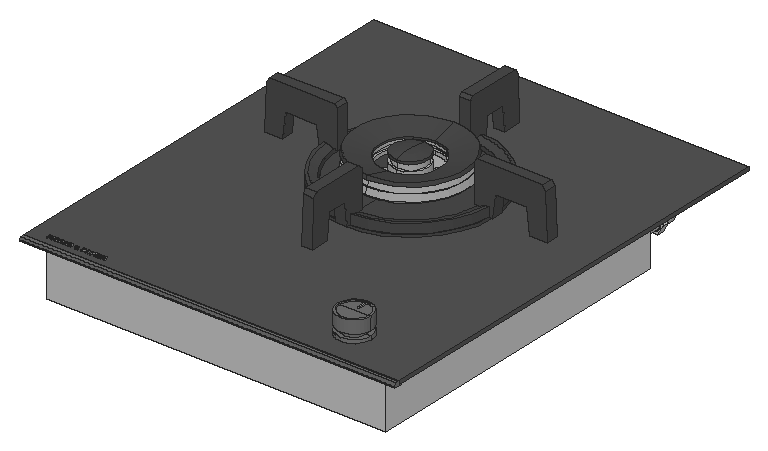
Revit family "FP_Revit20_CG451DNGGB4_Cooktop_90001818A", category Specialty Equipment, Revit 2020
Family settings
  Round Connector Dimension = Use Diameter
  Part Type = Normal
  OmniClass Number = 23.40.40.14.17.11
  OmniClass Title = Cookers, Ovens, Stoves
  Work Plane-Based = No
  Always vertical = Yes
  Cut with Voids When Loaded = Yes
  Shared = No
  Room Calculation Point = No
Parameters (values of type "JZT-CG451DNGGB4")
  Visibility - Clearance Required = yes
  URL = "www.fisherpaykel.com"
  Product - Width = 450 mm  # constant formula
  Product - Height = 125 mm  # constant formula
  Product - Depth = 530 mm  # constant formula
  Model = "JZT-CG451DNGGB4"
  Material - Trim = Fisher & Paykel - Aluminium, Dark
  Material - Cooktop = Fisher & Paykel - Glass, Black
  Material - Burners & Trivets = Fisher & Paykel - Black, Matte
  Material - Body = Fisher & Paykel - Grey
  Manufacturer = "Fisher & Paykel Appliances"
  FFL Offset [instance] = 900 mm
  Description = "45cm Series 9 1 Burner Gas Cooktop, Natural Gas"
  Default Elevation = 0 mm
  Connector Note - Gas = "NG 1 kPa (4\" WC), Connection is Rp 1/2\" (ISO7-1)"
  Connector Note - Electrical = "230 V, 10 A, fused electrical supply"
  Clearance - Side Combustible = 60 mm  # constant formula
  Clearance - Rear Non-Combustible = 45 mm  # constant formula
  Clearance - Rear Combustible = 85 mm  # constant formula
  Clearance - Overhead Rangehood = 650 mm  # constant formula
  Clearance - Overhead Non-Combustible = 500 mm  # constant formula
  Clearance - Overhead Combustible = 650 mm  # constant formula
  Clearance - Below Non-Combustible = 65 mm  # constant formula
  Clearance - Below Combustible = 70 mm  # constant formula
  Chassis - Width = 406 mm  # constant formula
  Chassis - Height = 59 mm  # constant formula
  Chassis - Depth = 486 mm  # constant formula
  Cavity - Width = 415 mm  # constant formula
  Cavity - Height = 59 mm  # constant formula
  Cavity - Depth = 490 mm  # constant formula
Reference planes
  plane 1 "Datum": y = 0
  plane 2: z = 0
  plane 3 "Center (Left/Right)": x = 0
  plane 4 "Product LHS": x = -225
  plane 5 "Product RHS": x = 225
  plane 6 "Product - Depth": y = 530
  plane 7 "Cavity LHS": x = -207.5
  plane 8 "Cavity RHS": x = 207.5
  plane 9 "Cavity - Depth": y = 501.465
  plane 10 "Glass": z = 905
  plane 11 "Basepan": z = 841
  plane 12 "Benchtop": z = 900
Forms (mm)
  Extrusion 1, solid, material "Fisher & Paykel - Glass, Black" <- "Material - Cooktop"
    sketch origin (0, 0, 0) x (0, 1, 0) y (0, 0, 1)
      loop
        line (5.299, 905) -> (5.299, 901) -> (530, 901) -> (530, 905) -> (5.299, 905)
    from -225 to 225
  Extrusion 2, solid, material "Fisher & Paykel - Aluminium, Dark" <- "Material - Trim", detail levels fine
    sketch origin (0, 0, 0) x (0, 1, 0) y (0, 0, 1)
      loop
        line (5.299, 905) -> (0.45, 905) -> (0, 901.5) -> (0, 900) -> (8.39, 900) -> (8.39, 901) -> (5.299, 901) -> (5.299, 905)
    from -225 to 225
  Extrusion 3, solid, material "Fisher & Paykel - Grey" <- "Material - Body"
    sketch origin (0, 0, 0) x (1, 0, 0) y (0, 1, 0)
      loop
        line (98.587, 521) -> (-216, 521) -> (-216, 11.465) -> (216, 11.465) -> (216, 408.887) -> (204.15, 408.887) -> (98.587, 497.465) -> (98.587, 521)
    from 900 to 901
  Extrusion 4, solid, material "Fisher & Paykel - Grey" <- "Material - Body"
    sketch origin (0, 0, 0) x (1, 0, 0) y (0, 1, 0)
      loop
        line (204.15, 408.887) -> (98.587, 497.465) -> (-201.85, 497.465) -> (-201.85, 11.465) -> (204.15, 11.465) -> (204.15, 408.887)
    from 841 to 900
  Extrusion 5, solid, material "Fisher & Paykel - Clearance Required (Cutout)", visible <- "Visibility - Clearance Required", detail levels coarse
    sketch origin (0, 0, 0) x (1, 0, 0) y (0, 1, 0)
      loop
        line (-207.5, 11.465) -> (207.5, 11.465) -> (207.5, 501.465) -> (-207.5, 501.465) -> (-207.5, 11.465)
    from 835 to 900
  Extrusion 6, void
    sketch origin (0, 0, 0) x (0, 1, 0) y (0, 0, 1)
      loop
        line (497.465, 872.849) -> (404.424, 857.373) -> (407.148, 841) -> (497.465, 841) -> (497.465, 872.849)
    from -161 to -103.971
  Extrusion 7, solid, material "Fisher & Paykel - Grey" <- "Material - Body", detail levels fine
    sketch origin (0, 0, 900) x (0, 1, 0) y (0, 0, 1)
      loop
        line (480, -30.056) -> (425.258, -39.162) -> (428.13, -56.432) -> (463.493, -56.432) -> (483.825, -53.05) -> (480, -30.056)
    from -150.5 to -110.5
  Extrusion 8, solid, material "Fisher & Paykel - Grey" <- "Material - Body", detail levels fine
    sketch origin (-130.469, 0, 900) x (1, 0, 0) y (0, 0, 1)
      loop
        circle (0, -41.49) r 4
    from -509.984 to -480
  Extrusion 9, solid, material "Fisher & Paykel - Aluminium, Dark" <- "Material - Trim", detail levels coarse+medium
    sketch origin (0, 0, 0) x (0, 1, 0) y (0, 0, 1)
      loop
        line (5.299, 905) -> (0, 905) -> (0, 900) -> (5.299, 900) -> (5.299, 905)
    from -225 to 225
  Extrusion 10, solid, material "Fisher & Paykel - Clearance Required (Combustible)", visible <- "Visibility - Clearance Required", detail levels coarse
    sketch origin (0, 0, 0) x (1, 0, 0) y (0, 1, 0)
      loop
        line (225, 0) -> (267.5, 0) -> (267.5, 586.465) -> (-267.5, 586.465) -> (-267.5, 0) -> (-225, 0) -> (-225, 546.465) -> (225, 546.465) -> (225, 0)
    from 905 to 1355
  Extrusion 11, solid, material "Fisher & Paykel - Clearance Required (Non-Combustible)", visible <- "Visibility - Clearance Required", detail levels coarse
    sketch origin (0, 0, 0) x (1, 0, 0) y (0, 1, 0)
      loop
        line (-225, 0) -> (225, 0) -> (225, 546.465) -> (-225, 546.465) -> (-225, 0)
    from 905 to 1405
  Extrusion 12, solid, material "Fisher & Paykel - Clearance Required (Rangehood)", visible <- "Visibility - Clearance Required", detail levels coarse
    sketch origin (0, 0, 0) x (1, 0, 0) y (0, 1, 0)
      loop
        line (-225, 546.465) -> (-225, 0) -> (225, 0) -> (225, 546.465) -> (-225, 546.465)
    from 1405 to 1555
  Extrusion 13, solid, material "Fisher & Paykel - Clearance Required (Combustible)", visible <- "Visibility - Clearance Required", detail levels coarse
    sketch origin (0, 0, 0) x (1, 0, 0) y (0, 1, 0)
      loop
        line (-207.5, 11.465) -> (207.5, 11.465) -> (207.5, 501.465) -> (-207.5, 501.465) -> (-207.5, 11.465)
    from 830 to 835
  Revolve 14, solid, material "Fisher & Paykel - Grey" <- "Material - Body"
    sketch origin (180.5, 0, 900) x (0, 1, 0) y (0, 0, -1)
      loop
        line (396.487, 23.673) -> (442.637, 23.673) -> (442.637, 22.673) -> (464.817, 22.673) -> (464.817, 25.4) -> (449.637, 25.4) -> (449.637, 31.4) -> (396.487, 31.4) -> (396.487, 23.673)
      axis (464.817, 31.4) -> (396.487, 31.4)
    angle from 0 to 360
  Extrusion 15, solid, material "Fisher & Paykel - Grey" <- "Material - Body", detail levels fine
    sketch origin (363.39, 0, 900) x (-1, 0, 0) y (0, 0, -1)
      loop
        line (176.55, 20.401) -> (189.25, 20.401) -> (195.6, 31.4) -> (189.25, 42.399) -> (176.55, 42.399) -> (170.2, 31.4) -> (176.55, 20.401)
      loop
        circle (182.89, 31.4) r 7.727
    from -449.637 to -442.637
  Extrusion 16, void
    sketch origin (0, 0, 0) x (1, 0, 0) y (0, 1, 0)
      loop
        line (-207.5, 11.465) -> (207.5, 11.465) -> (207.5, 501.465) -> (-207.5, 501.465) -> (-207.5, 11.465)
    from 830 to 900
Cuts and joins
  joined: Extrusion 7, Extrusion 8
  Extrusion 6 cuts Extrusion 4
Text (mm)
  text "Due to ongoing product development, product details are subject to change without notice. \nPlease always refer to www.fisherpaykel.com for the most current product information. \n© Fisher & Paykel 2020" at (41.04, -397.064, 0), in view "Ref. Level (Plan)"
Dimensions and locks
  equal spacing: plane 4 "Product LHS", plane 3 "Center (Left/Right)", plane 5 "Product RHS"
  "Product - Width": plane 4 "Product LHS" to plane 5 "Product RHS"
  equal spacing: plane 7 "Cavity LHS", plane 3 "Center (Left/Right)", plane 8 "Cavity RHS"
  "Cavity - Width": plane 7 "Cavity LHS" to plane 8 "Cavity RHS"
  locked: plane 1 "Datum" to Extrusion 3 at 11.465
  "Chassis - Depth": Extrusion 3 to Extrusion 4
  "Cavity - Depth": Extrusion 3 to plane 9 "Cavity - Depth"
  "Chassis - Width": cut or joined group of Extrusion 4, Extrusion 6 to cut or joined group of Extrusion 4, Extrusion 6
  "Clearance - Side Combustible": Extrusion 10 to plane 7 "Cavity LHS"
  "Clearance - Side Combustible": plane 8 "Cavity RHS" to Extrusion 10
  "Clearance - Rear Combustible": plane 9 "Cavity - Depth" to Extrusion 10
  plane 10 "Glass" to plane 12 "Benchtop" = 5 mm
  "FFL Offset": plane 12 "Benchtop" to level
  "Chassis - Height": plane 12 "Benchtop" to plane 11 "Basepan"
  locked: plane 10 "Glass" to Extrusion 1 sketch curve at 4
  locked: plane 10 "Glass" to Extrusion 1 at 4
  "Clearance - Overhead Non-Combustible": Extrusion 12 to plane 10 "Glass"
  locked: Extrusion 10 to plane 10 "Glass" at 450
  locked: nested 4 to plane 10 "Glass" at 61.328
  locked: Extrusion 6 sketch curve to plane 11 "Basepan" at 31.849
  locked: Extrusion 6 sketch curve to plane 11 "Basepan" at 16.373
  locked: cut or joined group of Extrusion 7, Extrusion 8 to plane 12 "Benchtop" at 56.432
  "Clearance - Below Non-Combustible": plane 12 "Benchtop" to Extrusion 13
  "Clearance - Below Combustible": plane 12 "Benchtop" to Extrusion 16
  "Clearance - Rear Non-Combustible": Extrusion 12 to plane 9 "Cavity - Depth"
  "Clearance - Overhead Rangehood": Extrusion 12 to plane 10 "Glass"
  aligned and locked: level to plane 2
  aligned and locked: Extrusion 1 to plane 5 "Product RHS"
  aligned and locked: Extrusion 1 to plane 4 "Product LHS"
  aligned and locked: Extrusion 2 to plane 5 "Product RHS"
  aligned and locked: Extrusion 10 to Extrusion 1
  aligned and locked: Extrusion 12 to Extrusion 11
  aligned and locked: Extrusion 11 to plane 10 "Glass"
  aligned and locked: Extrusion 10 to Extrusion 11
  aligned and locked: Extrusion 3 to Extrusion 1
  aligned and locked: Extrusion 3 to plane 12 "Benchtop"
  aligned and locked: Extrusion 4 to Extrusion 3
  aligned and locked: Extrusion 4 to plane 11 "Basepan"
  aligned and locked: Extrusion 6 sketch curve to cut or joined group of Extrusion 4, Extrusion 6
  aligned and locked: plane 11 "Basepan" to Extrusion 6 sketch curve
  aligned and locked: plane 10 "Glass" to Extrusion 9 sketch curve
  aligned and locked: Extrusion 9 sketch curve to plane 12 "Benchtop"
  aligned and locked: Extrusion 2 sketch curve to Extrusion 1
  aligned and locked: Extrusion 2 sketch curve to plane 12 "Benchtop"
  aligned and locked: plane 10 "Glass" to Extrusion 2 sketch curve
  aligned and locked: Extrusion 5 to Extrusion 3
  aligned and locked: Extrusion 13 to Extrusion 5
  aligned and locked: Extrusion 16 to Extrusion 3
  aligned and locked: Extrusion 16 to Extrusion 13
Automatic sketch dimensions
  Extrusion 1 sketch curve to plane 1 "Datum" = 5.299 mm
  plane 9 "Cavity - Depth" to Extrusion 5 sketch curve = 0 mm
  plane 7 "Cavity LHS" to Extrusion 5 sketch curve = 0 mm
  Extrusion 5 sketch curve to plane 8 "Cavity RHS" = 0 mm
  Extrusion 5 sketch curve to plane 1 "Datum" = 11.465 mm
  Extrusion 7 sketch curve to Extrusion 7 sketch curve = 2.873 mm
  Extrusion 7 sketch curve to Extrusion 7 sketch curve = 35.363 mm
  plane 1 "Datum" to Extrusion 10 sketch curve = 0 mm  (x2)
  Extrusion 10 sketch curve to plane 4 "Product LHS" = 0 mm
  Extrusion 10 sketch curve to plane 5 "Product RHS" = 0 mm
  plane 4 "Product LHS" to Extrusion 10 sketch curve = 42.5 mm
  Extrusion 10 sketch curve to Extrusion 10 sketch curve = 42.5 mm
  plane 6 "Product - Depth" to Extrusion 10 sketch curve = 16.465 mm
  plane 6 "Product - Depth" to Extrusion 10 sketch curve = 56.465 mm
  Extrusion 11 sketch curve to plane 4 "Product LHS" = 0 mm
  Extrusion 11 sketch curve to plane 5 "Product RHS" = 0 mm
  plane 1 "Datum" to Extrusion 11 sketch curve = 0 mm
  plane 6 "Product - Depth" to Extrusion 11 sketch curve = 16.465 mm
  plane 1 "Datum" to Extrusion 12 sketch curve = 0 mm
  Extrusion 12 sketch curve to plane 4 "Product LHS" = 0 mm
  Extrusion 12 sketch curve to plane 5 "Product RHS" = 0 mm
  plane 6 "Product - Depth" to Extrusion 12 sketch curve = 16.465 mm
  plane 9 "Cavity - Depth" to Extrusion 13 sketch curve = 0 mm
  plane 7 "Cavity LHS" to Extrusion 13 sketch curve = 0 mm
  Extrusion 13 sketch curve to plane 8 "Cavity RHS" = 0 mm
  Extrusion 13 sketch curve to plane 1 "Datum" = 11.465 mm
  Revolve 14 sketch curve to Revolve 14 sketch curve = 46.15 mm
  Revolve 14 sketch curve to Revolve 14 sketch curve = 7 mm
  Revolve 14 sketch curve to Revolve 14 sketch curve = 15.18 mm
  Revolve 14 sketch curve to Revolve 14 sketch curve = 1.727 mm
  Revolve 14 sketch curve to Revolve 14 sketch curve = 6 mm
  Revolve 14 sketch curve to Revolve 14 sketch curve = 45 mm
  Revolve 14 sketch curve to Revolve 14 sketch curve = 0 mm  (x2)
  Extrusion 15 sketch curve to Extrusion 15 sketch curve = 6.35 mm  (x3)
  Extrusion 15 sketch curve to Extrusion 15 sketch curve = 12.69 mm
  Extrusion 15 sketch curve to Extrusion 15 sketch curve = 12.7 mm  (x2)
  Extrusion 15 sketch curve to Extrusion 15 sketch curve = 0 mm
  plane 9 "Cavity - Depth" to Extrusion 16 sketch curve = 0 mm
  plane 7 "Cavity LHS" to Extrusion 16 sketch curve = 0 mm
  Extrusion 16 sketch curve to plane 8 "Cavity RHS" = 0 mm
  Extrusion 16 sketch curve to plane 1 "Datum" = 11.465 mm
  Extrusion 4 sketch curve to plane 7 "Cavity LHS" = 5.65 mm
  plane 8 "Cavity RHS" to Extrusion 4 sketch curve = 3.35 mm
  Extrusion 4 sketch curve to plane 1 "Datum" = 11.465 mm
  plane 9 "Cavity - Depth" to Extrusion 4 sketch curve = 4 mm
  plane 3 "Center (Left/Right)" to Extrusion 4 sketch curve = 98.587 mm
  plane 9 "Cavity - Depth" to Extrusion 4 sketch curve = 92.578 mm
  plane 7 "Cavity LHS" to Extrusion 3 sketch curve = 8.5 mm
  plane 3 "Center (Left/Right)" to Extrusion 3 sketch curve = 98.587 mm
  plane 8 "Cavity RHS" to Extrusion 3 sketch curve = 3.35 mm
  Extrusion 3 sketch curve to plane 8 "Cavity RHS" = 8.5 mm
  Extrusion 3 sketch curve to plane 1 "Datum" = 11.465 mm
  plane 9 "Cavity - Depth" to Extrusion 3 sketch curve = 4 mm
  Extrusion 3 sketch curve to plane 6 "Product - Depth" = 9 mm
  plane 9 "Cavity - Depth" to Extrusion 3 sketch curve = 92.578 mm
  Extrusion 1 sketch curve to plane 10 "Glass" = 0 mm
  Extrusion 1 sketch curve to plane 6 "Product - Depth" = 0 mm
  Extrusion 6 sketch curve to Extrusion 6 sketch curve = 2.723 mm
  Extrusion 7 sketch curve to Extrusion 7 sketch curve = 16.507 mm
  Extrusion 7 sketch curve to Extrusion 7 sketch curve = 20.331 mm
  Revolve 14 sketch curve to Revolve 14 sketch curve = 1 mm
  Extrusion 15 sketch curve to Extrusion 15 sketch curve = 10.999 mm  (x3)
  plane 9 "Cavity - Depth" to Extrusion 7 sketch curve = 76.208 mm
  plane 11 "Basepan" to Extrusion 7 sketch curve = 2.568 mm
  Extrusion 8 sketch curve to plane 7 "Cavity LHS" = 77.031 mm
  plane 11 "Basepan" to Extrusion 8 sketch curve = 17.51 mm
  plane 9 "Cavity - Depth" to Revolve 14 sketch curve = 104.979 mm
  plane 11 "Basepan" to Revolve 14 sketch curve = 36.327 mm
  Extrusion 15 sketch curve to plane 8 "Cavity RHS" = 14.31 mm
  Extrusion 15 sketch curve to plane 11 "Basepan" = 16.601 mm
  Extrusion 9 sketch curve to plane 1 "Datum" = 0 mm
  Extrusion 9 sketch curve to plane 1 "Datum" = 5.299 mm
  Extrusion 2 sketch curve to plane 1 "Datum" = 0 mm
  Extrusion 2 sketch curve to plane 1 "Datum" = 0.45 mm
  Extrusion 2 sketch curve to Extrusion 2 sketch curve = 4.85 mm
  Extrusion 2 sketch curve to Extrusion 2 sketch curve = 3.09 mm
  plane 12 "Benchtop" to Extrusion 2 sketch curve = 1.5 mm
  radius of Extrusion 8 sketch curve = 4 mm
  radius of Extrusion 15 sketch curve = 7.727 mm
Nested families
  nested 1: "F&P Dial CG" at (134.403, 51.956, 905), type "F&P Dial CG"
  nested 2: "F&P Logo 70mm Horizontal" at (-169.501, 14.253, 905), type "F&P Logo 70mm Horizontal"
  nested 3: "F&P Burner Dual Wok" at (0, 304.387, 900.228), type "F&P Burner Dual Wok"
  nested 4: "F&P Trivet CG451" at (0, 304.387, 900.5), type "F&P Trivet CG451"
  nested 5: "F&P Dial CG" at (134.403, 51.956, 905), type "F&P Dial CG", not visible
  nested 6: "F&P Logo 70mm Horizontal" at (-169.501, 14.253, 905), type "F&P Logo 70mm Horizontal", not visible
  nested 7: "F&P Burner Dual Wok" at (0, 304.387, 900.228), type "F&P Burner Dual Wok", not visible
  nested 8: "F&P Trivet CG451" at (0, 304.387, 900.5), type "F&P Trivet CG451", not visible
Connectors
  electrical at (-130.469, 509.984, 858.51), driven by "Connector Note - Electrical"
    settings: on cut or joined group of Extrusion 7, Extrusion 8, index 1, voltage 230 V, apparent load 0 VA, apparent load phase1 0 VA, apparent load phase2 0 VA, apparent load phase3 0 VA, power factor 1, load classification "Other", number of poles 1, system type 30, power factor state 1, is connector primary yes, connector utility no, sub classification motor no, connector description "230 V, 10 A, fused electrical supply"
  piping at (180.5, 464.817, 868.6), diameter 19, driven by "Connector Note - Gas"
    settings: on Revolve 14, index 2, connector inside diameter 609.6 mm, connector length 0 mm, flow factor 0, pipe flow 0.0 L/s, pressure drop 0.0 Pa, fitting loss kfactor 0, connector angle 0.00°, fixture units 0, engagement length 0 mm, angle of deflection 0.00°, flow configuration 0, flow direction 1, fitting loss method 0, system type 22, joint type 0, gender type 0, connector reference index -1, connector utility 0, adjustable connector no, is connector primary yes, connector description "NG 1 kPa (4\" WC), Connection is Rp 1/2\" (ISO7-1)"
Definition of nested family "F&P Dial CG"
  Parameters (values of type "F&P Dial CG")
    URL = "www.fisherpaykel.com"
    Material - Trim = none
    Material - Buttons and Dials = none
    Material - Body = none
    Manufacturer = "Fisher & Paykel Appliances"
    Default Elevation = 0 mm
  Reference planes
    plane 1 "Center (Front/Back)": y = 0
    plane 2: z = 0
    plane 3 "Center (Left/Right)": x = 0
  Forms (mm)
    Revolve 1, solid, material <- "Material - Body", detail levels fine
      sketch origin (0, 0, 0) x (1, 0, 0) y (0, 0, 1)
        loop
          line (0, 0) -> (0, 24.05) -> (-17.75, 24.05) -> (-17.75, 24.95) -> (-20, 24.95) -> (-20, 9.5) -> (-14.513, 9.5) -> (-14.513, 3.5) -> (-20.008, 3.5) -> (-20.5, 0) -> (0, 0)
        axis (0, 24.95) -> (0, 0)
      angle from 0 to 360
    Extrusion 2, void
      sketch origin (0, 0, 0) x (1, 0, 0) y (0, 1, 0)
        loop
          line (-1.05, 17.22) -> (1.05, 17.22) -> (1.05, 20.22) -> (-1.05, 20.22) -> (-1.05, 17.22)
      from 24.05 to 24.95
    Extrusion 3, solid, material <- "Material - Trim", detail levels fine
      sketch origin (0, 0, 0) x (1, 0, 0) y (0, 1, 0)
        loop
          line (-1.05, 6.22) -> (1.05, 6.22) -> (1.05, 20.02) -> (-1.05, 20.02) -> (-1.05, 6.22)
      from 24.05 to 24.95
    Extrusion 4, solid, material <- "Material - Body", detail levels coarse+medium
      sketch origin (0, 0, 0) x (1, 0, 0) y (0, 1, 0)
        loop
          circle (0, 0) r 20.5
      from 9.5 to 24.95
    Extrusion 5, solid, material <- "Material - Body", detail levels coarse+medium
      sketch origin (0, 0, 0) x (1, 0, 0) y (0, 1, 0)
        loop
          circle (0, 0) r 14.513
      from 0 to 9.5
  Cuts and joins
    Extrusion 2 cuts Revolve 1
  Dimensions and locks
    aligned and locked: level to plane 2
Definition of nested family "F&P Logo 70mm Horizontal"
  Parameters (values of type "F&P Logo 70mm Horizontal")
    URL = "www.fisherpaykel.com"
    Material - Logo = none
    Manufacturer = "Fisher & Paykel Appliances"
    Default Elevation = 0 mm
  Reference planes
    plane 1 "Center (Front/Back)": y = 0
    plane 2: z = 0
    plane 3 "Center (Left/Right)": x = 0
  Forms (mm)
    Extrusion 1, solid, material <- "Material - Logo", detail levels fine
      sketch origin (0, 0, 0) x (1, 0, 0) y (0, 1, 0)
        loop
          line (-34.997, 0) -> (-33.895, 0) -> (-33.895, 1.496) -> (-32.174, 1.496) -> (-32.174, 2.431) -> (-33.895, 2.431) -> (-33.895, 3.298) -> (-32.023, 3.298) -> (-32.023, 4.228) -> (-34.997, 4.228) -> (-34.997, 0)
        loop
          line (-29.929, 4.228) -> (-29.929, 0) -> (-28.828, 0) -> (-28.828, 4.228) -> (-29.929, 4.228)
        loop
          line (-21.473, 4.228) -> (-21.473, 0) -> (-20.372, 0) -> (-20.372, 1.694) -> (-18.754, 1.694) -> (-18.754, 0) -> (-17.652, 0) -> (-17.652, 4.228) -> (-18.754, 4.228) -> (-18.754, 2.624) -> (-20.372, 2.624) -> (-20.372, 4.228) -> (-21.473, 4.228)
        loop
          line (-15.301, 4.228) -> (-15.301, 0) -> (-12.288, 0) -> (-12.288, 0.8) -> (-14.209, 0.8) -> (-14.209, 1.694) -> (-12.453, 1.694) -> (-12.453, 2.624) -> (-14.209, 2.624) -> (-14.209, 3.428) -> (-12.288, 3.428) -> (-12.288, 4.228) -> (-15.301, 4.228)
        loop
          line (32, 4.228) -> (32, 0) -> (35.003, 0) -> (35.003, 0.93) -> (33.102, 0.93) -> (33.102, 4.228) -> (32, 4.228)
        loop
          line (29.735, 4.228) -> (26.712, 4.228) -> (26.712, 0) -> (29.735, 0) -> (29.735, 0.8) -> (27.814, 0.8) -> (27.814, 1.694) -> (29.57, 1.694) -> (29.57, 2.624) -> (27.814, 2.624) -> (27.814, 3.428) -> (29.735, 3.428) -> (29.735, 4.228)
        loop
          line (23.449, 2.203) -> (25.012, 4.228) -> (23.724, 4.228) -> (22.374, 2.479) -> (22.374, 4.228) -> (21.273, 4.228) -> (21.273, 0) -> (22.374, 0) -> (22.374, 1.894) -> (23.765, 0) -> (25.067, 0) -> (23.449, 2.203)
        loop
          line (15.42, 4.228) -> (17.017, 1.694) -> (17.017, 0) -> (18.119, 0) -> (18.119, 1.639) -> (19.717, 4.228) -> (18.546, 4.228) -> (17.603, 2.595) -> (16.66, 4.228) -> (15.42, 4.228)
        loop
          line (12.969, 4.228) -> (11.922, 4.228) -> (10.2, 0) -> (11.282, 0) -> (11.585, 0.778) -> (13.278, 0.778) -> (13.581, 0) -> (14.69, 0) -> (12.969, 4.228)
        loop
          line (12.913, 1.708) -> (12.419, 2.922) -> (11.946, 1.708) -> (12.913, 1.708)
        loop
          line (5.656, 4.228) -> (5.656, 0) -> (6.757, 0) -> (6.757, 1.357) -> (7.557, 1.357)
          arc (7.557, 1.357) -> (8.993, 2.792) -> (7.557, 4.228) r 1.436
          line (7.557, 4.228) -> (5.656, 4.228)
        loop
          line (6.757, 2.238) -> (7.557, 2.238)
          arc (7.557, 2.238) -> (8.088, 2.768) -> (7.557, 3.298) r 0.53
          line (7.557, 3.298) -> (6.757, 3.298) -> (6.757, 2.238)
        loop
          line (-8.214, 4.228) -> (-10.023, 4.228) -> (-10.023, 0) -> (-9.058, 0) -> (-9.058, 0.8) -> (-8.258, 0.8) -> (-7.647, 0) -> (-6.373, 0) -> (-7.452, 1.381)
          arc (-7.452, 1.381) -> (-6.741, 3.097) -> (-8.214, 4.228) r 1.525
        loop
          line (-8.921, 3.298) -> (-8.921, 2.137) -> (-8.121, 2.137)
          arc (-8.121, 2.137) -> (-7.54, 2.718) -> (-8.121, 3.298) r 0.581
          line (-8.121, 3.298) -> (-8.921, 3.298)
        loop
          line (0.368, 3.298) -> (0.368, 4.307) -> (-2.553, 4.307) -> (-2.553, 3.499) -> (-2.048, 2.878)
          arc (-2.048, 2.878) -> (-2.424, 0.478) -> (0.002, 0.358) r 1.633
          line (0.002, 0.358) -> (0.495, -0.272) -> (1.765, -0.272) -> (0.636, 1.116) -> (1.613, 2.524) -> (0.481, 2.524) -> (0.025, 1.867) -> (-1.14, 3.298) -> (0.368, 3.298)
        loop
          arc (-1.454, 2.148) -> (-1.555, 1.167) -> (-0.574, 1.067) r 0.697
          line (-0.574, 1.067) -> (-1.454, 2.148)
        loop
          line (-24.593, 2.544) -> (-25.527, 2.737)
          arc (-25.527, 2.737) -> (-25.9, 3.11) -> (-25.527, 3.483) r 0.373
          arc (-25.527, 3.483) -> (-24.631, 3.353) -> (-23.808, 2.973) r 3.153
          line (-23.808, 2.973) -> (-23.808, 4.02)
          arc (-23.808, 4.02) -> (-24.851, 4.326) -> (-25.937, 4.276) r 3.308
          arc (-25.937, 4.276) -> (-26.941, 3.034) -> (-25.937, 1.792) r 1.27
          line (-25.937, 1.792) -> (-24.994, 1.597)
          arc (-24.994, 1.597) -> (-24.621, 1.224) -> (-24.994, 0.851) r 0.373
          arc (-24.994, 0.851) -> (-25.891, 0.981) -> (-26.714, 1.361) r 3.153
          line (-26.714, 1.361) -> (-26.714, 0.314)
          arc (-26.714, 0.314) -> (-25.671, 0.009) -> (-24.585, 0.058) r 3.308
          arc (-24.585, 0.058) -> (-23.58, 1.304) -> (-24.593, 2.544) r 1.27
      from 0 to 0.8
  Dimensions and locks
    Extrusion 1 sketch curve to Extrusion 1 sketch curve = 70 mm
    aligned and locked: level to plane 2
Definition of nested family "F&P Burner Dual Wok"
  Parameters (values of type "F&P Burner Dual Wok")
    URL = "www.fisherpaykel.com"
    Material - Burners & Trivets = none
    Material - Body = none
    Manufacturer = "Fisher & Paykel Appliances"
    Default Elevation = 0 mm
  Reference planes
    plane 1 "Center (Front/Back)": y = 0
    plane 2: z = 0
    plane 3 "Center (Left/Right)": x = 0
  Forms (mm)
    Revolve 1, solid, material <- "Material - Body", detail levels fine
      sketch origin (0, 0, 0) x (0, 1, 0) y (0, 0, 1)
        loop
          line (0, 39.67) -> (0, 19.121) -> (37.394, 19.121) -> (37.394, 23.2) -> (66.033, 23.2) -> (67.033, 24.2) -> (65.112, 32.2) -> (63.561, 32.2) -> (61.561, 40.01) -> (36.35, 34.652) -> (36.35, 31.668) -> (39.31, 31.668) -> (39.31, 26.7) -> (36.35, 26.7) -> (36.35, 22.2) -> (21.2, 22.2) -> (21.2, 31.668) -> (18.48, 31.668) -> (18.48, 39.67) -> (0, 39.67)
        axis (0, 40.01) -> (0, 19.121)
      angle from 0 to 360
    Revolve 2, solid, material <- "Material - Burners & Trivets", detail levels fine
      sketch origin (0, 0, 0) x (0, 1, 0) y (0, 0, 1)
        loop
          line (64.958, 44.616) -> (36.353, 36.951) -> (36.353, 34.652) -> (61.561, 40.01) -> (63.997, 40.01) -> (66.045, 40.559) -> (64.958, 44.616)
        loop
          line (0, 45.115) -> (0, 39.67) -> (21.2, 39.67) -> (21.2, 42.433)
          arc (21.2, 42.433) -> (10.684, 44.442) -> (0, 45.115) r 85.151
        axis (0, 45.115) -> (0, 34.652)
      angle from 0 to 360
    Extrusion 3, void
      sketch origin (0, 0, 0) x (1, 0, 0) y (0, 1, 0)
        loop
          arc (-31.085, 20.785) -> (-37.341, -1.988) -> (-28.703, -23.968) r 37.394
          line (-28.703, -23.968) -> (-19.571, -8.151)
          arc (-19.571, -8.151) -> (-20.975, 3.077) -> (-16.404, 13.429) r 21.2
          line (-16.404, 13.429) -> (-16.404, 15.447)
          arc (-16.404, 15.447) -> (-17.093, 17.364) -> (-18.844, 18.406) r 3.015
          line (-18.844, 18.406) -> (-31.085, 20.785)
        loop
          arc (-20.415, -31.33) -> (0, -37.394) -> (20.415, -31.33) r 37.394
          line (20.415, -31.33) -> (12.297, -17.269)
          arc (12.297, -17.269) -> (0, -21.2) -> (-12.297, -17.269) r 21.2
          line (-12.297, -17.269) -> (-20.415, -31.33)
        loop
          line (31.085, 20.785) -> (18.844, 18.406)
          arc (18.844, 18.406) -> (17.093, 17.364) -> (16.404, 15.447) r 3.015
          line (16.404, 15.447) -> (16.404, 13.429)
          arc (16.404, 13.429) -> (20.975, 3.077) -> (19.571, -8.151) r 21.2
          line (19.571, -8.151) -> (28.703, -23.968)
          arc (28.703, -23.968) -> (37.341, -1.988) -> (31.085, 20.785) r 37.394
      from 19.121 to 23.2
    Revolve 4, solid, material <- "Material - Burners & Trivets", detail levels coarse+medium
      sketch origin (0, 0, 0) x (0, 1, 0) y (0, 0, 1)
        loop
          line (-67.134, 45.199) -> (-67.134, 23.2) -> (-36.35, 23.2) -> (-36.35, 36.951) -> (-67.134, 45.199)
        loop
          line (-21.2, 42.433) -> (-21.2, 23.2) -> (0, 23.2) -> (0, 42.433) -> (-21.2, 42.433)
        axis (0, 45.199) -> (0, 23.2)
      angle from 0 to 360
  Cuts and joins
    Extrusion 3 cuts Revolve 2
    Extrusion 3 cuts Revolve 1
  Dimensions and locks
    aligned and locked: level to plane 2
Definition of nested family "F&P Trivet CG451"
  Parameters (values of type "F&P Trivet CG451")
    URL = "www.fisherpaykel.com"
    Material - Burners & Trivets = none
    Manufacturer = "Fisher & Paykel Appliances"
    Default Elevation = 0 mm
  Reference planes
    plane 1 "Center (Front/Back)": y = 0
    plane 2: z = 0
    plane 3 "Center (Left/Right)": x = 0
  Forms (mm)
    Revolve 1, solid, material <- "Material - Burners & Trivets", detail levels fine
      sketch origin (0, 0, 0) x (0, 1, 0) y (0, 0, 1)
        loop
          line (-85.317, 7.5) -> (-99, 7.5) -> (-99, 4.5) -> (0, 4.5) -> (0, 12.8) -> (-85.317, 12.8) -> (-85.317, 7.5)
        axis (0, 12.8) -> (0, 4.5)
      angle from 0 to 360
    Revolve 2, solid, material <- "Material - Burners & Trivets", detail levels fine
      sketch origin (0, 0, 0) x (0, 1, 0) y (0, 0, 1)
        loop
          line (-99.153, 8.7) -> (-86.697, 8.7) -> (-86.697, 16.577) -> (-95.884, 19.7) -> (-99.153, 19.7) -> (-99.153, 8.7)
        axis (0, 19.7) -> (0, 8.7)
      angle from 0 to 360
    Extrusion 3, solid, material <- "Material - Burners & Trivets", detail levels coarse+medium
      sketch origin (0, 0, 0) x (0, 1, 0) y (0, 0, 1)
        loop
          line (-155, 4.5) -> (-82.863, 4.5) -> (-82.863, 65.828) -> (-155, 65.828) -> (-155, 4.5)
        loop
          line (155, 4.5) -> (155, 65.828) -> (82.863, 65.828) -> (82.863, 4.5) -> (155, 4.5)
      from -6.5 to 6.5
    Extrusion 4, solid, material <- "Material - Burners & Trivets", detail levels fine
      sketch origin (0, 0, 0) x (1, 0, 0) y (0, 0, 1)
        loop
          line (-164.326, 65.828) -> (-167.638, 60.09) -> (-170, 6) -> (-148.21, 6) -> (-145.122, 35.38) -> (-107.088, 35.38) -> (-104.284, 8.7) -> (-86.958, 8.7) -> (-86.958, 16.577) -> (-81.958, 16.577) -> (-81.958, 62.253) -> (-85.533, 65.828) -> (-164.326, 65.828)
        loop
          line (164.326, 65.828) -> (85.533, 65.828) -> (81.958, 62.253) -> (81.958, 16.577) -> (86.958, 16.577) -> (86.958, 8.7) -> (104.284, 8.7) -> (107.088, 35.38) -> (145.122, 35.38) -> (148.21, 6) -> (170, 6) -> (167.638, 60.09) -> (164.326, 65.828)
      from -6.5 to 6.5
    Extrusion 5, solid, material <- "Material - Burners & Trivets", detail levels coarse+medium
      sketch origin (0, 0, 0) x (1, 0, 0) y (0, 0, 1)
        loop
          line (-170, 4.5) -> (-82.927, 4.5) -> (-82.927, 65.828) -> (-170, 65.828) -> (-170, 4.5)
        loop
          line (170, 4.5) -> (170, 65.828) -> (82.958, 65.828) -> (82.958, 4.5) -> (170, 4.5)
      from -6.5 to 6.5
    Revolve 6, solid, material <- "Material - Burners & Trivets", detail levels coarse+medium
      sketch origin (0, 0, 0) x (0, 1, 0) y (0, 0, 1)
        loop
          line (-82.083, 20.853) -> (-102.311, 20.853) -> (-102.311, 4.5) -> (-82.083, 4.5) -> (-82.083, 20.853)
        axis (0, 20.853) -> (0, 4.5)
      angle from 0 to 360
    Extrusion 7, solid, material <- "Material - Burners & Trivets", detail levels fine
      sketch origin (0, 0, 0) x (0, 1, 0) y (0, 0, 1)
        loop
          line (149.326, 65.828) -> (85.438, 65.828) -> (81.863, 62.253) -> (81.863, 16.577) -> (86.697, 16.577) -> (86.697, 8.7) -> (104.189, 8.7) -> (106.995, 35.4) -> (130.12, 35.4) -> (133.21, 6) -> (155, 6) -> (152.638, 60.09) -> (149.326, 65.828)
        loop
          line (-149.326, 65.828) -> (-152.638, 60.09) -> (-155, 6) -> (-133.21, 6) -> (-130.12, 35.4) -> (-106.995, 35.4) -> (-104.189, 8.7) -> (-86.697, 8.7) -> (-86.697, 16.577) -> (-81.863, 16.577) -> (-81.863, 62.253) -> (-85.438, 65.828) -> (-149.326, 65.828)
      from -6.5 to 6.5
  Cuts and joins
    joined: Revolve 2, Extrusion 4, Extrusion 7
    joined: Extrusion 3, Extrusion 5, Revolve 6
  Dimensions and locks
    aligned and locked: level to plane 2
